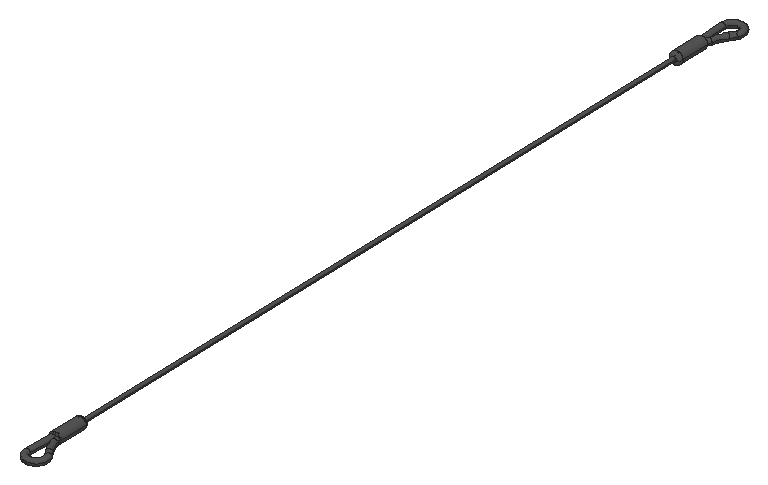
Revit family "AnchorPoint_Kattsafe_Strop", category Specialty Equipment, host Face, Revit 2025
Family settings
  Host = Face
  Round Connector Dimension = Use Diameter
  Part Type = Normal
  OmniClass Number = 23.27.71.21
  Enable Cutting in Views = No
  Cut with Voids When Loaded = No
  Maintain Annotation Orientation = No
  Shared = No
  Room Calculation Point = No
Parameters (values of type "1.5m (AP115.1500)")
  Uniclass2015Version = "Products v1.23"
  Uniclass2015Title = "Safety access anchor devices"
  Uniclass2015Code = "Pr_40_70_75_75"
  URL = "https://kattsafe.com.au/"
  Type IFC Predefined Type = "USERDEFINED"
  Type Comments = "Anchor Strop - 1500mm"
  SafetyDisclaimer [instance] = "WARNING! The correct placement of access, fall protection and facade maintenance systems is critical to ensure it is fit-for-purpose and safe for the operator to use. Did you know Kattsafe® have a dedicated team of Height Safety System Design Specialists? Kattsafe® provide one-on-one consultation and system design assistance to ensure you are meeting the stringent requirements of height safety and to give you PEACE OF MIND with your project."  # constant formula
  ModifiedIssue = 20240430
  Model = "AP115.1500"
  Material = Plastic_Kattsafe_Black
  ManufacturerURLProductSpecific = "https://kattsafe.com.au/products/anchor-points/accessories/anchor-strop-AP115"
  ManufacturerSpecCode = Model  # "AP115.1500"
  ManufacturerOverallWidth = 6 mm  # constant formula
  ManufacturerOverallHeight = 6 mm  # constant formula
  ManufacturerOverallDepth = 1500 mm
  Manufacturer = "Kattsafe®"  # constant formula
  Keynote = ""
  IfcExportType = "USERDEFINED"
  IfcExportAs = "IfcBuildingElementProxy"
  Export Type to IFC As = "IfcBuildingElementProxy"
  ElementType = "Fall Protection"
  Description = "The AP115 anchor strop provides a safe first-man-up attachment point. to ensure the operator can safely move into the safe zone from the roof access point."  # constant formula
  Default Elevation = 0 mm  # constant formula
  CreatedByURL = "https://igsgroup.com.au"
  CreatedBy = "IGS BIM Solutions"  # constant formula
  Assembly Code = "E1090100"
Types (4, lengths in mm): name | Type Comments | Model | ManufacturerSpecCode | ManufacturerOverallDepth
  1.5m (AP115.1500) | "Anchor Strop - 1500mm" | "AP115.1500" | "AP115.1500" | 1500
  3.0m (AP115.3000) | "Anchor Strop - 3000mm" | "AP115.3000" | "AP115.3000" | 3000
  2.0m (AP115.2000) | "Anchor Strop - 2000mm" | "AP115.2000" | "AP115.2000" | 2000
  1.0m (AP115.1000) | "Anchor Strop - 1000mm" | "AP115.1000" | "AP115.1000" | 1000
Reference planes
  plane 1 "Back": y = -31.5
  plane 2 "Face": z = 0
  plane 3 "Center (Left/Right)": x = 2
  plane 4 "Front": y = -1531.5
  plane 5 "Left": x = -1
  plane 6 "Right": x = 5
  plane 7 "Top": z = 13
  plane 8 "Center (Elevation)": z = 10
  plane 9 "Eyelet_Inside Front": y = -1401.5
  plane 10 "Eyelet_Inside Back": y = -161.5
  plane 11 "Bottom": z = 7
Forms (mm)
  Sweep 1, solid, material "Plastic_Kattsafe_Black" <- "Material"
    path origin (0, 0, 10) x (-1, 0, 0) y (0, -1, 0)
      loop
        line (-2, 161.5) -> (-2, 1401.5)
    profile origin (2, -781.5, 10) x (1, 0, 0) y (0, 0, 1)
      loop
        circle (0, 0) r 3
  Revolve 2, solid, material "Plastic_Kattsafe_Black" <- "Material"
    sketch origin (0, 32, 10) x (-1, 0, 0) y (0, -1, 0)
      loop
        line (-2, 193.5) -> (-2, 136.5) -> (8, 136.5) -> (8, 188.5)
        arc (8, 188.5) -> (6.536, 192.036) -> (3, 193.5) r 5
        line (3, 193.5) -> (-2, 193.5)
      axis (-2, 136.5) -> (-2, 193.5)
    angle from 0 to 360
  Sweep 3, solid, material "Plastic_Kattsafe_Black" <- "Material"
    path origin (0, 0, 10) x (-1, 0, 0) y (0, -1, 0)
      loop
        line (-0.5, 104.5) -> (-3.458, 94.19)
        arc (-3.458, 94.19) -> (-8.454, 80.583) -> (-15.365, 67.842) r 100
        line (-15.365, 67.842) -> (-21.39, 58.432)
        arc (-21.39, 58.432) -> (-14.981, 41.877) -> (-1.138, 52.99) r 11
        line (-1.138, 52.99) -> (-3.436, 104.5)
    profile origin (2.287, -78.745, 10) x (0.999006, 0.044575, 0) y (0, 0, 1)
      loop
        circle (-5, 0) r 5
  Revolve 4, solid, material "Plastic_Kattsafe_Black" <- "Material"
    sketch origin (0, -1095, 10) x (-1, 0, 0) y (0, 1, 0)
      loop
        line (-2, -306.5) -> (-2, -363.5) -> (8, -363.5) -> (8, -311.5)
        arc (8, -311.5) -> (6.536, -307.964) -> (3, -306.5) r 5
        line (3, -306.5) -> (-2, -306.5)
      axis (-2, -363.5) -> (-2, -306.5)
    angle from 0 to 360
  Sweep 5, solid, material "Plastic_Kattsafe_Black" <- "Material"
    path origin (0, -1063, 10) x (-1, 0, 0) y (0, 1, 0)
      loop
        line (-0.5, -395.5) -> (-3.458, -405.81)
        arc (-3.458, -405.81) -> (-8.454, -419.417) -> (-15.365, -432.158) r 100
        line (-15.365, -432.158) -> (-21.39, -441.568)
        arc (-21.39, -441.568) -> (-14.981, -458.123) -> (-1.138, -447.01) r 11
        line (-1.138, -447.01) -> (-3.436, -395.5)
    profile origin (2.287, -1484.255, 10) x (-0.999006, 0.044575, 0) y (0, 0, 1)
      loop
        circle (5, 0) r 5
Text (mm)
  text "Disclaimer:\nDue to ongoing product development and manufacturing \nevolution, product details are subject to change without \nnotice. Please refer to product technical data sheets on \nthe manufacturers website for the most current product \ninformation. Please allow a +/- 5mm manufacturing \ntolerance for dimensions and set-outs shown in product \nliterature." at (1096.573, 82.963, 0), in view "Ref. Level_Instruction"
Dimensions and locks
  equal spacing: plane 5 "Left", plane 3 "Center (Left/Right)", plane 6 "Right"
  "ManufacturerOverallWidth": plane 5 "Left" to plane 6 "Right"
  "ManufacturerOverallDepth": plane 4 "Front" to plane 1 "Back"
  locked: plane 4 "Front" to plane 9 "Eyelet_Inside Front" at 130
  Sweep 3 sketch curve to profile plane = 5 mm
  locked: plane 10 "Eyelet_Inside Back" to plane 1 "Back" at 130
  profile plane to Sweep 5 sketch curve = 5 mm
  diameter of Sweep 1 sketch curve = 6 mm
  aligned and locked: plane 2 "Face" to host face
  aligned and locked: level to host face
  aligned and locked: profile plane to Sweep 1 sketch curve
  aligned and locked: plane 8 "Center (Elevation)" to Sweep 1 sketch curve
  aligned and locked: plane 10 "Eyelet_Inside Back" to Sweep 1 sketch curve
  aligned and locked: plane 9 "Eyelet_Inside Front" to Sweep 1 sketch curve
Automatic sketch dimensions
  host sketch curve to host sketch curve = 500 mm
  host sketch curve to host sketch curve = 3176.624 mm
  Sweep 1 sketch curve to plane 3 "Center (Left/Right)" = 0 mm
  Revolve 2 sketch curve to plane 3 "Center (Left/Right)" = 0 mm  (x2)
  plane 10 "Eyelet_Inside Back" to Revolve 2 sketch curve = 0 mm
  Revolve 2 sketch curve to plane 5 "Left" = 2 mm
  Revolve 2 sketch curve to plane 5 "Left" = 7 mm
  Revolve 2 sketch curve to Revolve 2 sketch curve = 52 mm
  Revolve 2 sketch curve to plane 1 "Back" = 141.789 mm
  plane 4 "Front" to Revolve 2 sketch curve = 2177.264 mm
  Sweep 3 sketch curve to plane 10 "Eyelet_Inside Back" = 39.735 mm
  Sweep 3 sketch curve to plane 6 "Right" = 94.581 mm
  Sweep 3 sketch curve to plane 6 "Right" = 16.39 mm
  Sweep 3 sketch curve to plane 6 "Right" = 10.365 mm
  Sweep 3 sketch curve to plane 6 "Right" = 7.127 mm
  plane 3 "Center (Left/Right)" to Sweep 3 sketch curve = 1.458 mm
  Sweep 3 sketch curve to plane 3 "Center (Left/Right)" = 0.862 mm
  plane 1 "Back" to Sweep 3 sketch curve = 62.69 mm
  Sweep 3 sketch curve to Sweep 3 sketch curve = 9.41 mm
  Sweep 3 sketch curve to Sweep 3 sketch curve = 14.851 mm
  plane 3 "Center (Left/Right)" to Sweep 3 sketch curve = 1.436 mm
  Sweep 3 sketch curve to plane 3 "Center (Left/Right)" = 1.5 mm
  Sweep 3 sketch curve to Sweep 3 sketch curve = 10.31 mm
  Sweep 3 sketch curve to Sweep 3 sketch curve = 0 mm
  Sweep 3 sketch curve to plane 8 "Center (Elevation)" = 0 mm
  Revolve 4 sketch curve to plane 3 "Center (Left/Right)" = 0 mm  (x2)
  plane 9 "Eyelet_Inside Front" to Revolve 4 sketch curve = 0 mm
  plane 5 "Left" to Revolve 4 sketch curve = 2 mm
  plane 5 "Left" to Revolve 4 sketch curve = 7 mm
  Revolve 4 sketch curve to Revolve 4 sketch curve = 52 mm
  Revolve 4 sketch curve to plane 4 "Front" = 141.789 mm
  plane 1 "Back" to Revolve 4 sketch curve = 2177.264 mm
  Sweep 5 sketch curve to plane 9 "Eyelet_Inside Front" = 39.735 mm
  plane 6 "Right" to Sweep 5 sketch curve = 94.581 mm
  plane 6 "Right" to Sweep 5 sketch curve = 16.39 mm
  plane 6 "Right" to Sweep 5 sketch curve = 10.365 mm
  plane 6 "Right" to Sweep 5 sketch curve = 7.127 mm
  Sweep 5 sketch curve to plane 3 "Center (Left/Right)" = 1.458 mm
  plane 3 "Center (Left/Right)" to Sweep 5 sketch curve = 0.862 mm
  plane 4 "Front" to Sweep 5 sketch curve = 62.69 mm
  Sweep 5 sketch curve to Sweep 5 sketch curve = 9.41 mm
  Sweep 5 sketch curve to Sweep 5 sketch curve = 14.851 mm
  Sweep 5 sketch curve to plane 3 "Center (Left/Right)" = 1.436 mm
  plane 3 "Center (Left/Right)" to Sweep 5 sketch curve = 1.5 mm
  Sweep 5 sketch curve to Sweep 5 sketch curve = 10.31 mm
  Sweep 5 sketch curve to Sweep 5 sketch curve = 0 mm
  plane 8 "Center (Elevation)" to Sweep 5 sketch curve = 0 mm
  radius of Sweep 3 sketch curve = 5 mm
  radius of Sweep 5 sketch curve = 5 mm
